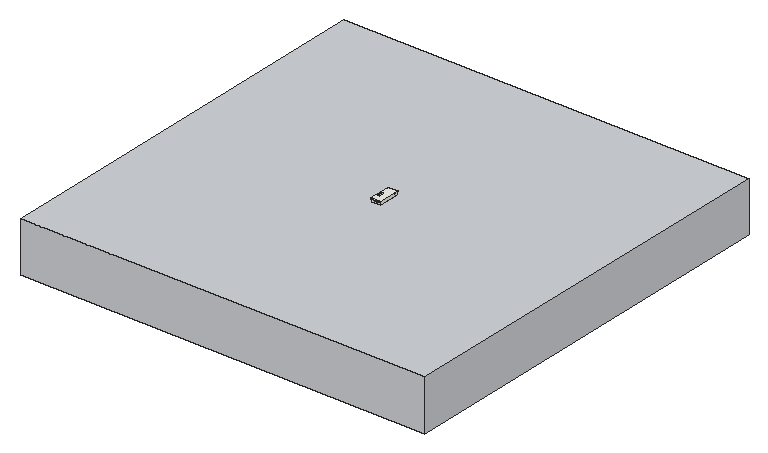
Revit family "GIRA_123903", category Elektroinstallationen, Revit 2017
Family settings
  Basisbauteil = Fläche
  Beschriftungsausrichtung beibehalten = Ja
  Bemaßung runder Anschluss = Durchmesser verwenden
  Teiletyp = Normal
  Beim Laden mit Abzugskörper schneiden = Nein
  Gemeinsam genutzt = Nein
  Raumberechnungspunkt = Nein
Parameters
  Zusatzgerät anreihbar = no
  Default Elevation = 1219.2 mm
  Verbindung mit Smartphone möglich = no
  URL = "https://www.gira.de/"
  Typname = "Wohnungsstation Video AP Plus System 55 Reinweiß"
  Schaltfunktionen = yes
  Rufunterscheidung = yes
  Rufabschaltung = yes
  Mit Türöffnerautomatik = yes
  Mit Touchscreen = no
  Lautstärkeregelung = yes
  Ist Zubehör = no
  Ist System = no
  Internkommunikation = yes
  Hörgerätekompatibel = no
  Hersteller = "Gira"
  HAN = "123903"
  GTIN = "4010337016236"
  Funktions-Lampen = yes
  Bildsystem = "PAL"
  Beschreibung = "Wohnungsstation Video AP Plus System 55 Reinweiß glänzend Merkmale: - Bei Verwendung je einer Spannungsversorgung für Türkommunikation können bis zu 28 Wohnungsstationen Video AP parallel genutzt werden. - Die Wohnungsstation Video AP Plus erkennt automatisch, ob eine Spannungsversorgung für Türkommunikation angeschlossen ist. Eine Brücke zwischen ZV und BUS ist nicht notwendig. - Farbdisplay mit LED-Hintergrundbeleuchtung. - OSD Funktion, d. h. Texteinblendung im Display zur Statusanzeige und Menüführung. - Kapazitive Bedientasten mit integrierten Leuchtdioden zur Zustandsanzeige: Die Tasten werden durch leichte Berührung bedient. - Zuschaltbare Türöffnerautomatik: bei eingeschalteter Funktion wird der Türöffner nach Betätigung der Türstationsruftaste automatisch angesteuert. - Automatische Rufannahme: direktes Hineinsprechen oder -hören in einen Raum nach Internruf. - Gebührenfreier hausinterner Sprechverkehr mit bis zu zehn weiteren Wohnungsstationen. Die Bedientasten der Wohnungsstation Video AP Plus steuern die folgenden Funktionen:: - Manuelles Ein- und Ausschalten des TFT-Farbdisplays. - Kameraumschaltung - gezielte Anwahl der angeschlossenen Farbkameras. Im Display erfolgt die Textanzeige, welche Kamera aktuell angesteuert wird. - Schalten von Licht und anderen Funktionen in Verbindung mit dem Schaltaktor oder dem Unterputz-Schaltaktor. - Ansteuerung des Türöffners. - Rufton ein- und ausschalten. - Rufannahme. - Aktivierung der Durchsetzfunktion. - Einstellung von Rufton- und Sprechlautstärke. Funktionen im Endkundenmenü: - Internruf, Schalthandlung, Ruftonmelodie, Helligkeit, Farbsättigung, Kontrast, Einschaltzeit des Displays, Sprache (21 Sprachen wählbar), Tastentöne, Türöffnerautomatik (nach Installateurfreigabe), automatische Rufannahme (nach Installateurfreigabe). Zusätzliche Funktionen im Installateurmenü:: - Einstellung Haupt- Nebendisplay, Frequenzeinstellung, Terminierung der Leitung, Versionsanzeige, Werkseinstellung, Display ein- bzw. ausschalten, LED-Beleuchtung ein- bzw. ausschalten, Ruftastenzuordnung, Internruf zuordnen, Freigaben für Türöffnerautomatik und automatische Rufannahme. - Karten-Slot für SD-Speicherkarte. - SD-Speicherkarte. Neue zusätzliche Funktionen im Endkundenmenü:: - Interner Bildspeicher (nach Installateurfreigabe) für bis zu 48 Bilder. Manueller Übertrag interner zu externner Bildspeicher (SD-Speicherkarte). Bildspeicher manuell löschen. Manuellen Schnappschuss auslösen. Schalthandlungen und Internrufe umbenennen. Datum Uhrzeit ändern. Neue zusätzliche Funktionen im Installateurmenü:: - Freigabe des internen Bildspeichers. Einstellen des Bildintervals und der Aufnahmegeschwindigkeit. Datum Uhrzeit einstellen. Eigenschaften der SD-Speicherkarte:: - Verzeichnis für zehn Klingeltöne, davon fünf frei konfigurierbar im WAVE-Format. Ordner für externen Bildspeicher (max. 200 Bilder).  Hinweise : - Montage ohne Abdeckrahmen oder mit Abdeckrahmen 2fach ohne Mittelsteg aus den Schalterprogrammen System 55, Flächenschalter oder Gira E22 möglich."
  Bedienung Türöffner = yes
  BIM = "https://katalog.gira.de/en/download.html?artikelnr=123903"
  Abhörsicher = yes
Reference planes
  plane 1 "Center (Front/Back)": y = 0
  plane 2: z = 0
  plane 3 "Center (Left/Right)": x = 0
  plane 4: y = -57.002
  plane 5: z = 11.3
Forms (mm)
  Extrusion 1, solid
    sketch origin (0, 0, 0) x (1, 0, 0) y (0, 1, 0)
      loop
        line (-1219.2, 1219.2) -> (-1219.2, -1219.2) -> (1219.2, -1219.2) -> (1219.2, 1219.2) -> (-1219.2, 1219.2)
    from 0 to -304.8
  Extrusion 2, solid, material "Pure White Shinny", detail levels fine
    sketch origin (0, 0, 0) x (1, 0, 0) y (0, 1, 0)
      loop
        line (-27.5, 62.907) -> (-27.5, -62.761) -> (27.5, -63.002) -> (27.5, 62.907) -> (-27.5, 62.907)
    from 2.8 to 19.6
  Extrusion 3, solid, material "Pure White Shinny", detail levels fine
    sketch origin (0, 0, 0) x (1, 0, 0) y (0, 1, 0)
      loop
        line (23.736, -57.486) -> (23.736, 57.355) -> (-23.736, 57.355) -> (-23.736, -57.486) -> (23.736, -57.486)
    from 0 to 2.8
  Extrusion 4, solid, material "Pure White Shinny", detail levels fine
    sketch origin (0, 0, -0.9) x (1, 0, 0) y (0, 1, 0)
      loop
        arc (-26.5, 65) -> (-27.207, 64.707) -> (-27.5, 64) r 1
        line (-27.5, 64) -> (-27.5, -64)
        arc (-27.5, -64) -> (-27.207, -64.707) -> (-26.5, -65) r 1
        line (-26.5, -65) -> (26.5, -65)
        arc (26.5, -65) -> (27.207, -64.707) -> (27.5, -64) r 1
        line (27.5, -64) -> (27.5, 64)
        arc (27.5, 64) -> (27.207, 64.707) -> (26.5, 65) r 1
        line (26.5, 65) -> (-26.5, 65)
    from 20.5 to 21.5
  Extrusion 5, solid, material "Pure White Shinny", detail levels medium+fine
    sketch origin (0, 0, 0) x (1, 0, 0) y (0, 1, 0)
      loop
        line (-23.605, -18.6) -> (-13.2, -18.6) -> (-13.2, -8.594) -> (-13.2, 3.4) -> (-23.605, 3.4) -> (-23.605, -18.6)
    from 20.6 to 22.5
  Extrusion 6, void, detail levels fine
    sketch origin (0, 0, 0) x (1, 0, 0) y (0, 1, 0)
      loop
        arc (-11.109, -10.234) -> (15.105, -0.084) -> (-10.995, 10.357) r 15.105
        line (-10.995, 10.357) -> (-11.109, -10.234)
      loop
        arc (-3.34, -27.996) -> (-8.964, -28.895) -> (-3.943, -31.585) r 3.005
        arc (-3.943, -31.585) -> (0.438, -31.827) -> (4.808, -31.44) r 31.83
        arc (4.808, -31.44) -> (6.319, -29.382) -> (4.262, -27.871) r 1.805
        arc (4.262, -27.871) -> (0.465, -28.191) -> (-3.34, -27.996) r 28.195
      loop
        spline (6.871, -48.874) -> (6.579, -48.896) -> (6.293, -48.96) -> (6.02, -49.065) -> (5.765, -49.208) -> (5.534, -49.388) -> (5.331, -49.599) -> (5.162, -49.838) -> (5.029, -50.099) -> (4.936, -50.377) -> (4.885, -50.666) -> (4.876, -50.959) -> (4.91, -51.25)
        spline (4.91, -51.25) -> (4.876, -51.541) -> (4.885, -51.834) -> (4.936, -52.123) -> (5.029, -52.401) -> (5.162, -52.662) -> (5.331, -52.901) -> (5.534, -53.112) -> (5.765, -53.292) -> (6.02, -53.435) -> (6.293, -53.54) -> (6.579, -53.604) -> (6.871, -53.626)
        line (6.871, -53.626) -> (13.129, -53.626)
        spline (13.129, -53.626) -> (13.421, -53.604) -> (13.707, -53.54) -> (13.98, -53.435) -> (14.235, -53.292) -> (14.466, -53.112) -> (14.669, -52.901) -> (14.838, -52.662) -> (14.971, -52.401) -> (15.064, -52.123) -> (15.115, -51.834) -> (15.124, -51.541) -> (15.09, -51.25)
        spline (15.09, -51.25) -> (15.124, -50.959) -> (15.115, -50.666) -> (15.064, -50.377) -> (14.971, -50.099) -> (14.838, -49.838) -> (14.669, -49.599) -> (14.466, -49.388) -> (14.235, -49.208) -> (13.98, -49.065) -> (13.707, -48.96) -> (13.421, -48.896) -> (13.129, -48.874)
        line (13.129, -48.874) -> (6.871, -48.874)
      loop
        arc (3.34, 27.996) -> (8.966, 28.911) -> (3.92, 31.563) r 3.005
        arc (3.92, 31.563) -> (-0.448, 31.802) -> (-4.808, 31.44) r 31.805
        arc (-4.808, 31.44) -> (-6.319, 29.382) -> (-4.262, 27.871) r 1.805
        arc (-4.262, 27.871) -> (-0.465, 28.191) -> (3.34, 27.996) r 28.195
      loop
        line (-20.626, 52.129) -> (-20.626, 45.871)
        spline (-20.626, 45.871) -> (-20.604, 45.579) -> (-20.54, 45.293) -> (-20.435, 45.02) -> (-20.292, 44.765) -> (-20.112, 44.533) -> (-19.901, 44.331) -> (-19.662, 44.162) -> (-19.401, 44.029) -> (-19.123, 43.936) -> (-18.834, 43.885) -> (-18.541, 43.876) -> (-18.25, 43.91)
        spline (-18.25, 43.91) -> (-17.959, 43.876) -> (-17.666, 43.885) -> (-17.377, 43.936) -> (-17.099, 44.029) -> (-16.838, 44.162) -> (-16.599, 44.331) -> (-16.388, 44.533) -> (-16.208, 44.765) -> (-16.065, 45.02) -> (-15.96, 45.293) -> (-15.896, 45.579) -> (-15.874, 45.871)
        line (-15.874, 45.871) -> (-15.874, 52.129)
        spline (-15.874, 52.129) -> (-15.896, 52.421) -> (-15.96, 52.707) -> (-16.065, 52.98) -> (-16.208, 53.235) -> (-16.388, 53.466) -> (-16.599, 53.669) -> (-16.838, 53.838) -> (-17.099, 53.971) -> (-17.377, 54.064) -> (-17.666, 54.115) -> (-17.959, 54.124) -> (-18.25, 54.09)
        spline (-18.25, 54.09) -> (-18.541, 54.124) -> (-18.834, 54.115) -> (-19.123, 54.064) -> (-19.401, 53.971) -> (-19.662, 53.838) -> (-19.901, 53.669) -> (-20.112, 53.466) -> (-20.292, 53.235) -> (-20.435, 52.98) -> (-20.54, 52.707) -> (-20.604, 52.421) -> (-20.626, 52.129)
    from 0 to 2
  Extrusion 7, void, detail levels fine
    sketch origin (-1.799, 0, 0) x (1, 0, 0) y (0, 0, 1)
      loop
        line (0, 17.165) -> (0, 15.22) -> (3.598, 15.22) -> (3.598, 17.165) -> (0, 17.165)
      loop
        line (-4.701, 11.286) -> (-4.701, 8.933) -> (8.855, 8.933) -> (8.855, 11.286) -> (-4.701, 11.286)
    from 58.901 to 65
  Extrusion 8, void, detail levels fine
    sketch origin (0, 0, 0) x (0, 1, 0) y (0, 0, 1)
      loop
        line (-57.002, 12.854) -> (-57.002, 9.854) -> (-38.002, 9.854) -> (-38.002, 12.854) -> (-57.002, 12.854)
    from -27.55 to 27.5
  Extrusion 9, solid, material "Pure White Shinny", detail levels medium
    sketch origin (0, 0, 0) x (1, 0, 0) y (0, 1, 0)
      loop
        line (27.5, 65) -> (-27.5, 65) -> (-27.5, -65) -> (27.5, -65) -> (27.5, 65)
    from 19.6 to 20.6
  Extrusion 10, solid, material "Pure White Shinny", detail levels medium
    sketch origin (0, 0, 0) x (1, 0, 0) y (0, 1, 0)
      loop
        line (-27.5, 62.907) -> (-27.5, -62.761) -> (27.5, -63.002) -> (27.5, 62.907) -> (-27.5, 62.907)
    from 2.8 to 19.6
  Extrusion 11, solid, material "Pure White Shinny", detail levels medium
    sketch origin (0, 0, 0) x (1, 0, 0) y (0, 1, 0)
      loop
        line (23.736, -57.486) -> (23.736, 57.355) -> (-23.736, 57.355) -> (-23.736, -57.486) -> (23.736, -57.486)
    from 0 to 2.8
  Extrusion 12, solid, material "Pure White Shinny", detail levels coarse
    sketch origin (0, 0, 0) x (1, 0, 0) y (0, 1, 0)
      loop
        line (27.5, 65) -> (-27.5, 65) -> (-27.5, -65) -> (27.5, -65) -> (27.5, 65)
    from 0 to 22.5
Cuts and joins
  Extrusion 6, Extrusion 7, Extrusion 8 cuts Extrusion 2
  Extrusion 6 cuts Extrusion 3
  Extrusion 6 cuts Extrusion 4
Dimensions and locks
  aligned and locked: plane 2 to Extrusion 1
  aligned and locked: level to Extrusion 1
  aligned and locked: plane 1 "Center (Front/Back)" to nested 1
Nested families
  nested 1: "symbol" at (0, 0, 0), type "symbol"
Definition of nested family "symbol"
  Reference planes
    plane 1: y = 0
    plane 2: x = 0
  Lines and regions (mm)
    Filled region 1, type "Gefüllter Bereich 1"
      outline origin (0, 0, 0) x (1, 0, 0) y (0, 1, 0)
        loop
          circle (-0.6, 2.4) r 0.4
    Filled region 2, type "Gefüllter Bereich 1"
      outline origin (0, 0, 0) x (1, 0, 0) y (0, 1, 0)
        loop
          circle (0.6, 2.4) r 0.4
    detail lines
      curve 1: line (0, 0, 0) -> (0, 2, 0)
      curve 2: line (0, 2, 0) -> (1.6, 2, 0)
      curve 3: line (1.6, 2, 0) -> (1.6, 3.6, 0)
      curve 4: circle (0.6, 2.4, 0) r 0.4 normal (0, 0, 1)
      curve 5: line (0, 2, 0) -> (-1.6, 2, 0)
      curve 6: line (-1.6, 2, 0) -> (-1.6, 3.6, 0)
      curve 7: circle (-0.6, 2.4, 0) r 0.4 normal (0, 0, -1)
